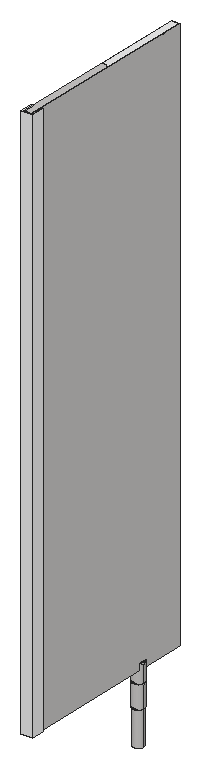
Revit family
Parameters (values of type "Privada Urinal Screen")
  Warranty Information = "10 Year Warranty"
  URL = "http://www.privadapartitions.com/"
  Phone Number = "416-250-5656"  # constant formula
  Omniclass Table 23 Title = "Toilet and Bath Specialties"  # constant formula
  Omniclass Table 23 Code = "23.40.20.21"  # constant formula
  Model = "Privada Urinal Screen"
  Material = Aluminum-Privada-Satin
  Masterformat Title = "10 22 00"  # constant formula
  Masterformat Number = "10 22 00"  # constant formula
  Manufacturer = "Privada"
  Length = 24"
  Installation Type = "Floor-Anchored"
  Height = 72"
  Hardware Material = Aluminum-Privada-Matte
  Description = "Privada Urinal Screen, lengths from 1'-6\" to  2'-0\""
  Default Elevation = 0"
  Creation Date = "01/12/2015"  # constant formula
  Created By = "Allied Technical Services"  # constant formula
  Assembly Code = "E2010"
  ATS URL = "http://www.atsspec.net"
Reference planes (in)
  plane 1 "Center (Front/Back)": y = 0
  plane 2: z = 0
  plane 3 "Center (Left/Right)": x = 0
  plane 4: z = 9
  plane 5: z = 81
  plane 6: y = -18
  plane 7: y = 6
  plane 8: z = 9
Forms (in)
  Revolve 1, solid, material "Aluminum-Privada-Matte" <- "Hardware Material"
    sketch origin (0, 0, 0) x (1, 0, 0) y (0, 0, 1)
      loop
        line (-0.625, 0) -> (-0.59375, 0) -> (-0.59375, 0.03125) -> (-0.5625, 0.03125) -> (-0.5625, 0) -> (0, 0) -> (0, 8.5) -> (-0.42484, 8.5) -> (-0.42484, 10) -> (-0.71875, 9.83031)
        arc (-0.71875, 9.83031) -> (-0.74163, 9.80744) -> (-0.75, 9.77619) r 0.0625
        line (-0.75, 9.77619) -> (-0.75, 7.53125)
        arc (-0.75, 7.53125) -> (-0.74085, 7.50915) -> (-0.71875, 7.5) r 0.03125
        arc (-0.71875, 7.5) -> (-0.74085, 7.49085) -> (-0.75, 7.46875) r 0.03125
        line (-0.75, 7.46875) -> (-0.75, 4.53125)
        arc (-0.75, 4.53125) -> (-0.74085, 4.50915) -> (-0.71875, 4.5) r 0.03125
        line (-0.71875, 4.5) -> (-0.625, 4.5) -> (-0.625, 0)
      axis (0, 0) -> (0, 10)
    angle from 0 to 360
  Extrusion 2, solid, material "Aluminum-Privada-Satin" <- "Material"
    sketch origin (0, 0, 0) x (1, 0, 0) y (0, 0, 1)
      loop
        line (0.42484, 9) -> (0.42484, 81) -> (-0.42484, 81) -> (-0.42484, 9) -> (0.42484, 9)
    from -5.93751 to 17.875
  Extrusion 3, solid, material "Aluminum-Privada-Satin"
    sketch origin (0, 0, 0) x (1, 0, 0) y (0, 1, 0)
      loop
        line (-0.75, -18) -> (0.75, -18) -> (0.75, -16.375) -> (0.5, -16.375) -> (0.5, -17.875) -> (-0.5, -17.875) -> (-0.5, -16.375) -> (-0.75, -16.375) -> (-0.75, -18)
    from 9 to 81
  Extrusion 4, solid, material "Aluminum-Privada-Matte" <- "Hardware Material"
    sketch origin (0, 0, 0) x (1, 0, 0) y (0, 1, 0)
      loop
        line (-0.5, -17.875) -> (0.5, -17.875) -> (0.5, 6) -> (-0.5, 6) -> (-0.5, -17.875)
    from 9 to 81
Cuts and joins
  joined: Revolve 1, Extrusion 4
Dimensions and locks (in)
  plane 4 to level = 9"
  "Height": plane 5 to plane 4
  "Length": plane 7 to plane 6
  locked: cut or joined group of Revolve 1, Extrusion 4 to Extrusion 2 at 0.06249
  locked: plane 7 to plane 1 "Center (Front/Back)" at 6
  locked: Extrusion 3 sketch curve to cut or joined group of Revolve 1, Extrusion 4 at 0.125
  Extrusion 3 sketch curve to cut or joined group of Revolve 1, Extrusion 4 to cut or joined group of Revolve 1, Extrusion 4 to Extrusion 3 sketch curve = 1/4" locked, 1" locked, 1/4" locked
  aligned and locked: plane 8 to Extrusion 4
  aligned and locked: Extrusion 2 to plane 4
  aligned and locked: Extrusion 4 to plane 4
  aligned and locked: Extrusion 3 to plane 4
  aligned and locked: plane 7 to cut or joined group of Revolve 1, Extrusion 4
  aligned and locked: plane 6 to Extrusion 3
  aligned and locked: cut or joined group of Revolve 1, Extrusion 4 to Extrusion 2
  aligned and locked: cut or joined group of Revolve 1, Extrusion 4 to Extrusion 3
Automatic sketch dimensions
  Revolve 1 sketch curve to level = 0"  (x2)
  Revolve 1 sketch curve to plane 3 "Center (Left/Right)" = 0"  (x2)
  Revolve 1 sketch curve to plane 3 "Center (Left/Right)" = 0.42484"
  Revolve 1 sketch curve to Revolve 1 sketch curve = 9/16"
  Revolve 1 sketch curve to Revolve 1 sketch curve = 1/32"  (x4)
  Revolve 1 sketch curve to plane 3 "Center (Left/Right)" = 5/8"
  Revolve 1 sketch curve to Revolve 1 sketch curve = 0.26266"
  Revolve 1 sketch curve to plane 3 "Center (Left/Right)" = 23/32"
  Revolve 1 sketch curve to Revolve 1 sketch curve = 3/32"
  Revolve 1 sketch curve to Revolve 1 sketch curve = 0"  (x2)
  Revolve 1 sketch curve to Revolve 1 sketch curve = 1/16"
  Revolve 1 sketch curve to Revolve 1 sketch curve = 4 15/32"
  Revolve 1 sketch curve to plane 4 = 1 17/32"
  Revolve 1 sketch curve to Revolve 1 sketch curve = 0.04076"
  Revolve 1 sketch curve to Revolve 1 sketch curve = 0.35908"
  Revolve 1 sketch curve to plane 4 = 1/2"
  plane 4 to Revolve 1 sketch curve = 0.77619"
  Revolve 1 sketch curve to Revolve 1 sketch curve = 0.16969"
  Extrusion 2 sketch curve to plane 4 = 0"
  Extrusion 2 sketch curve to plane 5 = 0"
  Extrusion 2 sketch curve to plane 3 "Center (Left/Right)" = 0.42484"
  plane 3 "Center (Left/Right)" to Extrusion 2 sketch curve = 0.42484"
  Extrusion 3 sketch curve to plane 6 = 1/8"
  Extrusion 3 sketch curve to Extrusion 3 sketch curve = 1/4"  (x2)
  Extrusion 3 sketch curve to Extrusion 3 sketch curve = 1 1/2"
  Extrusion 3 sketch curve to Extrusion 3 sketch curve = 0"
  Extrusion 4 sketch curve to plane 7 = 0"
  Extrusion 4 sketch curve to plane 3 "Center (Left/Right)" = 1/2"
  plane 3 "Center (Left/Right)" to Extrusion 4 sketch curve = 1/2"
  Extrusion 4 sketch curve to plane 6 = 1/8"
